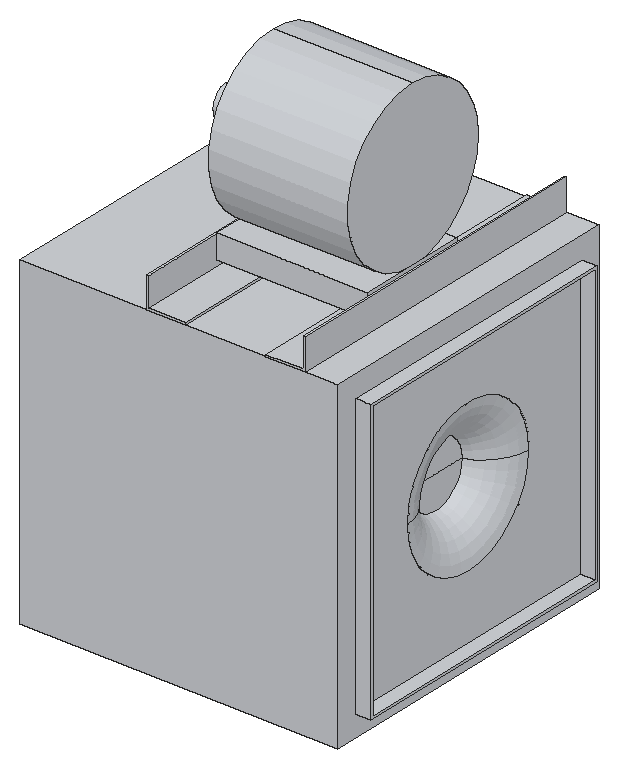
Revit family "SQN-HP", category Mechanical Equipment, Revit 2019
Family settings
  Round Connector Dimension = Use Diameter
  Part Type = Normal
  Work Plane-Based = No
  Always vertical = Yes
  Cut with Voids When Loaded = No
  Shared = No
  Room Calculation Point = No
Parameters (values of type "135_SQN-HP")
  ZERO = 0' - 0"
  Voltage [instance] = 0 V
  Unit Weight [instance] = ""
  URL = "www.lorencook.com"
  Type Comments = "Centrifugal Square Inline High Pressure Belt Drive"  # constant formula
  T_SQ_HALF = T_SQ / 2  # 0' - 6"
  T_SQ = 1' - 0"
  TENTH_B = -B_SUB / 10  # -0' - 2.025"
  TENTHB+FOURTHB = TENTH_B - FOURTH_B  # -0' - 7.0875"
  Static Pressure [instance] = 0.00 in-wg
  Sones [instance] = ""
  SHAFT_RAD = E_SUB / 12  # 0' - 1.04167"
  RAIL_SPACING = B_SUB / 2  # 0' - 10 1/8"
  Power [instance] = Voltage * Motor FLA * sqrt(if(Phase = 3, 3, 1))  # 0 VA
  Phase [instance] = 0
  Number of Poles [instance] = 1
  NEG_HALF_D = -HALF_D_SUB  # -0' - 10 3/8"
  NEG_HALF2H+D = -(FLANGE + FLANGE + D_SUB) / 2  # -0' - 11 3/8"
  NEGHALFC-B = -(C_SUB - B_SUB) / 2  # -0' - 1"
  Motor RPM [instance] = ""
  Motor Hp [instance] = "0"
  Motor FLA [instance] = 0 A
  Motor Enclosure [instance] = ""
  ModelID [instance] = ""
  Model = "SQN-HP"  # constant formula
  Manufacturer = "Loren Cook Company"
  MOTOR_DEPTH = -RAIL_SPACING + 0' 0 1/4" - 0' 2"  # -0' - 11 7/8"
  LwA [instance] = ""
  IN_TENTH = INLET_RADIUS - D_SUB_TENTH  # 0' - 3.1125"
  IN_RAD-D_SUB_TENTH = INLET_RADIUS - D_SUB_TENTH  # 0' - 3.1125"
  INLET_RADIUS = HALF_D_SUB / 2  # 0' - 5 3/16"
  HALF_MP = (-TENTH_B + FOURTH_B) / 2  # 0' - 3.54375"
  HALF_G = 0' - 11 101/256"
  HALF_F = 0' - 11 1/32"
  HALF_D_SUB_MIN_.25 = D_SUB_MINUS_.25 / 2  # 0' - 10 1/4"
  HALF_D_SUB = D_SUB / 2  # 0' - 10 3/8"
  HALF_D-F = (D_SUB - F_SUB) / 2  # 0' - 3 13/16"
  HALF_D-A = (D_SUB - A_SUB) / 2  # 0' - 1 3/8"
  HALF_D = D_SUB / 2  # 0' - 10 3/8"
  HALF_B-G = (B_SUB - G_SUB) / 2  # 0' - 3"
  HALF_B = B_SUB / 2  # 0' - 10 1/8"
  HALF_2H+D = (FLANGE + FLANGE + D_SUB) / 2  # 0' - 11 3/8"
  HALFC-B = (C_SUB - B_SUB) / 2  # 0' - 1"
  G_SUB = 1' - 2 1/4"
  Fan RPM [instance] = ""
  F_SUB = 1' - 1 1/8"
  FOURTH_B = B_SUB / 4  # 0' - 5 1/16"
  FLANGE = 0' - 1"
  E_SUB_DIRECT = D_SUB + 0' 2"  # 1' - 10 3/4"
  E_SUB = 1' - 0 1/2"
  D_PLUS_2 = D_SUB + 0' 2"  # 1' - 10 3/4"
  D_SUB_TENTH = D_SUB / 10  # 0' - 2.075"
  D_SUB_MINUS_.25 = D_SUB - 0' 0 1/4"  # 1' - 8 1/2"
  D_SUB = 1' - 8 3/4"
  DEPTH = B_SUB  # 1' - 8 1/4"
  C_SUB = 1' - 10 1/4"
  CFM [instance] = 0 CFM
  Brake Hp [instance] = ""
  B_SUB_MIN_.125 = B_SUB - 0' 0 1/8"  # 1' - 8 1/8"
  B_SUB = 1' - 8 1/4"
  Accessories [instance] = ""
  A_SUB = 1' - 6"
  1.5 = 0' - 1 1/2"  # constant formula
  ONE EIGTH = 0' - 0 1/8"  # constant formula
Types (14): name | TENTH_B | TENTHB+FOURTHB | SHAFT_RAD | RAIL_SPACING | NEG_HALF_D | NEG_HALF2H+D | NEGHALFC-B | MOTOR_DEPTH | IN_TENTH | IN_RAD-D_SUB_TENTH | INLET_RADIUS | HALF_MP | HALF_D_SUB_MIN_.25 | HALF_D_SUB | HALF_D-F | HALF_D-A | HALF_D | HALF_B-G | HALF_B | HALF_2H+D | HALFC-B | G_SUB | F_SUB | FOURTH_B | FLANGE | E_SUB_DIRECT | E_SUB | D_PLUS_2 | D_SUB_TENTH | D_SUB_MINUS_.25 | D_SUB | DEPTH | C_SUB | B_SUB_MIN_.125 | B_SUB | A_SUB
  (no name) | -0' - 2.025" | -0' - 7.0875" | 0' - 1.04167" | 0' - 10 1/8" | -0' - 10 3/8" | -0' - 11 3/8" | -0' - 1" | -0' - 11 7/8" | 0' - 3.1125" | 0' - 3.1125" | 0' - 5 3/16" | 0' - 3.54375" | 0' - 10 1/4" | 0' - 10 3/8" | 0' - 3 13/16" | 0' - 1 3/8" | 0' - 10 3/8" | 0' - 3" | 0' - 10 1/8" | 0' - 11 3/8" | 0' - 1" | 1' - 2 1/4" | 1' - 1 1/8" | 0' - 5 1/16" | 0' - 1" | 1' - 10 3/4" | 1' - 0 1/2" | 1' - 10 3/4" | 0' - 2.075" | 1' - 8 1/2" | 1' - 8 3/4" | 1' - 8 1/4" | 1' - 10 1/4" | 1' - 8 1/8" | 1' - 8 1/4" | 1' - 6"
  135_SQN-HP | -0' - 2.025" | -0' - 7.0875" | 0' - 1.04167" | 0' - 10 1/8" | -0' - 10 3/8" | -0' - 11 3/8" | -0' - 1" | -0' - 11 7/8" | 0' - 3.1125" | 0' - 3.1125" | 0' - 5 3/16" | 0' - 3.54375" | 0' - 10 1/4" | 0' - 10 3/8" | 0' - 3 13/16" | 0' - 1 3/8" | 0' - 10 3/8" | 0' - 3" | 0' - 10 1/8" | 0' - 11 3/8" | 0' - 1" | 1' - 2 1/4" | 1' - 1 1/8" | 0' - 5 1/16" | 0' - 1" | 1' - 10 3/4" | 1' - 0 1/2" | 1' - 10 3/4" | 0' - 2.075" | 1' - 8 1/2" | 1' - 8 3/4" | 1' - 8 1/4" | 1' - 10 1/4" | 1' - 8 1/8" | 1' - 8 1/4" | 1' - 6"
  150_SQN-HP | -0' - 2 3/16" | -0' - 7 21/32" | 0' - 1 1/16" | 0' - 10 15/16" | -0' - 11 1/2" | -1' - 0 1/2" | -0' - 1" | -1' - 0 11/16" | 0' - 3.45" | 0' - 3.45" | 0' - 5 3/4" | 0' - 3 53/64" | 0' - 11 3/8" | 0' - 11 1/2" | 0' - 3 7/16" | 0' - 1 1/2" | 0' - 11 1/2" | 0' - 2 31/32" | 0' - 10 15/16" | 1' - 0 1/2" | 0' - 1" | 1' - 3 15/16" | 1' - 4 1/8" | 0' - 5 15/32" | 0' - 1" | 2' - 1" | 1' - 0 3/4" | 2' - 1" | 0' - 2.3" | 1' - 10 3/4" | 1' - 11" | 1' - 9 7/8" | 1' - 11 7/8" | 1' - 9 3/4" | 1' - 9 7/8" | 1' - 8"
  165_SQN-HP | -0' - 2 1/2" | -0' - 8 3/4" | 0' - 1.22917" | 1' - 0 1/2" | -1' - 0 21/32" | -1' - 1 21/32" | -0' - 1" | -1' - 2 1/4" | 0' - 3 51/64" | 0' - 3 51/64" | 0' - 6 21/64" | 0' - 4 3/8" | 1' - 0 17/32" | 1' - 0 21/32" | 0' - 3 19/32" | 0' - 1 21/32" | 1' - 0 21/32" | 0' - 2 15/16" | 1' - 0 1/2" | 1' - 1 21/32" | 0' - 1" | 1' - 7 1/8" | 1' - 6 1/8" | 0' - 6 1/4" | 0' - 1" | 2' - 3 5/16" | 1' - 2 3/4" | 2' - 3 5/16" | 0' - 2 17/32" | 2' - 1 1/16" | 2' - 1 5/16" | 2' - 1" | 2' - 3" | 2' - 0 7/8" | 2' - 1" | 1' - 10"
  180_SQN-HP | -0' - 2.8" | -0' - 9.8" | 0' - 1.22917" | 1' - 2" | -1' - 1 13/16" | -1' - 2 13/16" | -0' - 1" | -1' - 3 3/4" | 0' - 4.14375" | 0' - 4.14375" | 0' - 6 29/32" | 0' - 4.9" | 1' - 1 11/16" | 1' - 1 13/16" | 0' - 3 3/4" | 0' - 1 13/16" | 1' - 1 13/16" | 0' - 3 1/2" | 1' - 2" | 1' - 2 13/16" | 0' - 1" | 1' - 9" | 1' - 8 1/8" | 0' - 7" | 0' - 1" | 2' - 5 5/8" | 1' - 2 3/4" | 2' - 5 5/8" | 0' - 2.7625" | 2' - 3 3/8" | 2' - 3 5/8" | 2' - 4" | 2' - 6" | 2' - 3 7/8" | 2' - 4" | 2' - 0"
  195_SQN-HP | -0' - 3.025" | -0' - 10.5875" | 0' - 1 1/4" | 1' - 3 1/8" | -1' - 2 31/32" | -1' - 3 31/32" | -0' - 1" | -1' - 4 7/8" | 0' - 4.49062" | 0' - 4.49062" | 0' - 7 31/64" | 0' - 5.29375" | 1' - 2 27/32" | 1' - 2 31/32" | 0' - 3 29/32" | 0' - 1 31/32" | 1' - 2 31/32" | 0' - 3 1/2" | 1' - 3 1/8" | 1' - 3 31/32" | 0' - 1" | 1' - 11 1/4" | 1' - 10 1/8" | 0' - 7 9/16" | 0' - 1" | 2' - 7 15/16" | 1' - 3" | 2' - 7 15/16" | 0' - 2.99375" | 2' - 5 11/16" | 2' - 5 15/16" | 2' - 6 1/4" | 2' - 8 1/4" | 2' - 6 1/8" | 2' - 6 1/4" | 2' - 2"
  210_SQN-HP | -0' - 3.2" | -0' - 11.2" | 0' - 1 1/4" | 1' - 4" | -1' - 3 5/8" | -1' - 5 5/8" | -0' - 1 1/2" | -1' - 5 3/4" | 0' - 4 11/16" | 0' - 4 11/16" | 0' - 7 13/16" | 0' - 5.6" | 1' - 3 1/2" | 1' - 3 5/8" | 0' - 3 9/16" | 0' - 1 5/8" | 1' - 3 5/8" | 0' - 3 3/4" | 1' - 4" | 1' - 5 5/8" | 0' - 1 1/2" | 2' - 0 1/2" | 2' - 0 1/8" | 0' - 8" | 0' - 2" | 2' - 9 1/4" | 1' - 3" | 2' - 9 1/4" | 0' - 3 1/8" | 2' - 7" | 2' - 7 1/4" | 2' - 8" | 2' - 11" | 2' - 7 7/8" | 2' - 8" | 2' - 4"
  225_SQN-HP | -0' - 3.425" | -0' - 11.9875" | 0' - 1.27083" | 1' - 5 1/8" | -1' - 4 3/4" | -1' - 6 3/4" | -0' - 1 1/2" | -1' - 6 7/8" | 0' - 5.025" | 0' - 5.025" | 0' - 8 3/8" | 0' - 5.99375" | 1' - 4 5/8" | 1' - 4 3/4" | 0' - 3 11/16" | 0' - 1 3/4" | 1' - 4 3/4" | 0' - 3 3/4" | 1' - 5 1/8" | 1' - 6 3/4" | 0' - 1 1/2" | 2' - 2 3/4" | 2' - 2 1/8" | 0' - 8 9/16" | 0' - 2" | 2' - 11 1/2" | 1' - 3 1/4" | 2' - 11 1/2" | 0' - 3.35" | 2' - 9 1/4" | 2' - 9 1/2" | 2' - 10 1/4" | 3' - 1 1/4" | 2' - 10 1/8" | 2' - 10 1/4" | 2' - 6"
  245_SQN-HP | -0' - 3.4" | -0' - 11.9" | 0' - 1 7/16" | 1' - 5" | -1' - 6" | -1' - 8" | -0' - 2" | -1' - 6 3/4" | 0' - 5.4" | 0' - 5.4" | 0' - 9" | 0' - 5.95" | 1' - 5 7/8" | 1' - 6" | 0' - 3 7/16" | 0' - 1 1/2" | 1' - 6" | 0' - 3 31/32" | 1' - 5" | 1' - 8" | 0' - 2" | 2' - 2 1/16" | 2' - 5 1/8" | 0' - 8 1/2" | 0' - 2" | 3' - 2" | 1' - 5 1/4" | 3' - 2" | 0' - 3.6" | 2' - 11 3/4" | 3' - 0" | 2' - 10" | 3' - 2" | 2' - 9 7/8" | 2' - 10" | 2' - 9"
  270_SQN-HP | -0' - 3 3/4" | -1' - 1 1/8" | 0' - 1 7/16" | 1' - 6 3/4" | -1' - 7 27/32" | -1' - 9 27/32" | -0' - 2" | -1' - 8 1/2" | 0' - 5 61/64" | 0' - 5 61/64" | 0' - 9 59/64" | 0' - 6 9/16" | 1' - 7 23/32" | 1' - 7 27/32" | 0' - 3 19/32" | 0' - 1 5/8" | 1' - 7 27/32" | 0' - 3 29/32" | 1' - 6 3/4" | 1' - 9 27/32" | 0' - 2" | 2' - 5 11/16" | 2' - 8 1/2" | 0' - 9 3/8" | 0' - 2" | 3' - 5 11/16" | 1' - 5 1/4" | 3' - 5 11/16" | 0' - 3 31/32" | 3' - 3 7/16" | 3' - 3 11/16" | 3' - 1 1/2" | 3' - 5 1/2" | 3' - 1 3/8" | 3' - 1 1/2" | 3' - 0 7/16"
  300_SQN-HP | -0' - 3.8" | -1' - 1.3" | 0' - 1 7/16" | 1' - 7" | -1' - 10" | -2' - 0" | -0' - 2" | -1' - 8 3/4" | 0' - 6.6" | 0' - 6.6" | 0' - 11" | 0' - 6.65" | 1' - 9 7/8" | 1' - 10" | 0' - 3 15/16" | 0' - 2" | 1' - 10" | 0' - 3 15/16" | 1' - 7" | 2' - 0" | 0' - 2" | 2' - 6 1/8" | 3' - 0 1/8" | 0' - 9 1/2" | 0' - 2" | 3' - 10" | 1' - 5 1/4" | 3' - 10" | 0' - 4.4" | 3' - 7 3/4" | 3' - 8" | 3' - 2" | 3' - 6" | 3' - 1 7/8" | 3' - 2" | 3' - 4"
  330_SQN-HP | -0' - 4.175" | -1' - 2.6125" | 0' - 1 7/16" | 1' - 8 7/8" | -2' - 0 7/32" | -2' - 2 7/32" | -0' - 2" | -1' - 10 5/8" | 0' - 7 17/64" | 0' - 7 17/64" | 1' - 0 7/64" | 0' - 7.30625" | 2' - 0 3/32" | 2' - 0 7/32" | 0' - 4 5/32" | 0' - 2 7/32" | 2' - 0 7/32" | 0' - 4 31/32" | 1' - 8 7/8" | 2' - 2 7/32" | 0' - 2" | 2' - 7 13/16" | 3' - 4 1/8" | 0' - 10 7/16" | 0' - 2" | 4' - 2 7/16" | 1' - 5 1/4" | 4' - 2 7/16" | 0' - 4 27/32" | 4' - 0 3/16" | 4' - 0 7/16" | 3' - 5 3/4" | 3' - 9 3/4" | 3' - 5 5/8" | 3' - 5 3/4" | 3' - 8"
  365_SQN-HP | -0' - 4.2" | -1' - 2.7" | 0' - 1 7/16" | 1' - 9" | -2' - 1" | -2' - 3" | -0' - 2" | -1' - 10 3/4" | 0' - 7 1/2" | 0' - 7 1/2" | 1' - 0 1/2" | 0' - 7.35" | 2' - 0 7/8" | 2' - 1" | 0' - 3 31/32" | 0' - 2" | 2' - 1" | 0' - 4 29/32" | 1' - 9" | 2' - 3" | 0' - 2" | 2' - 8 3/16" | 3' - 6 1/16" | 0' - 10 1/2" | 0' - 2" | 4' - 4" | 1' - 5 1/4" | 4' - 4" | 0' - 5" | 4' - 1 3/4" | 4' - 2" | 3' - 6" | 3' - 10" | 3' - 5 7/8" | 3' - 6" | 3' - 10"
  402_SQN-HP | -0' - 4 5/8" | -1' - 4 3/16" | 0' - 1 7/16" | 1' - 11 1/8" | -2' - 3 9/16" | -2' - 5 9/16" | -0' - 2" | -2' - 0 7/8" | 0' - 8.26875" | 0' - 8.26875" | 1' - 1 25/32" | 0' - 8 3/32" | 2' - 3 7/16" | 2' - 3 9/16" | 0' - 4 3/32" | 0' - 2 3/16" | 2' - 3 9/16" | 0' - 4 27/32" | 1' - 11 1/8" | 2' - 5 9/16" | 0' - 2" | 3' - 0 9/16" | 3' - 10 15/16" | 0' - 11 9/16" | 0' - 2" | 4' - 9 1/8" | 1' - 5 1/4" | 4' - 9 1/8" | 0' - 5.5125" | 4' - 6 7/8" | 4' - 7 1/8" | 3' - 10 1/4" | 4' - 2 1/4" | 3' - 10 1/8" | 3' - 10 1/4" | 4' - 2 3/4"
Reference planes (in)
  plane 1 "Center (Front/Back)": y = 0
  plane 2: z = 0
  plane 3 "Center (Left/Right)": x = 0.40541
Forms (in)
  Extrusion 1, solid
    sketch origin (0, 0, 0) x (1, 0, 0) y (0, 1, 0)
      loop
        line (-9.71959, 10.375) -> (-9.71959, -10.375) -> (10.53041, -10.375) -> (10.53041, 10.375) -> (-9.71959, 10.375)
    from -10.375 <- "NEG_HALF_D" to 10.375 <- "HALF_D"
  Revolve 2, void
    sketch origin (0, 0, 0) x (1, 0, 0) y (0, 1, 0)
      loop
        line (10.53041, 7.1875) -> (10.53041, 5.1875)
        arc (10.53041, 5.1875) -> (10.01266, 3.28475) -> (8.45541, 2.075) r 3.1125
        line (8.45541, 2.075) -> (8.45541, 0) -> (12.54119, 0) -> (12.54119, 7.1875) -> (10.53041, 7.1875)
      axis (8.45541, 0) -> (12.54119, 0)
    angle from 0 to 360
  Extrusion 3, solid
    sketch origin (0, 0, 0) x (1, 0, 0) y (0, 0, 1)
      loop
        line (8.45541, 12.375) -> (8.33041, 12.375) -> (8.33041, 10.5) -> (5.95541, 10.5) -> (5.95541, 10.375) -> (8.45541, 10.375) -> (8.45541, 12.375)
    from 10.375 <- "HALF_D" to -10.375 <- "NEG_HALF_D"
  Extrusion 4, solid
    sketch origin (0, 0, 0) x (1, 0, 0) y (0, 0, 1)
      loop
        line (0.83041, 10.375) -> (0.83041, 10.5) -> (-1.54459, 10.5) -> (-1.54459, 12.375) -> (-1.66959, 12.375) -> (-1.66959, 10.375) -> (0.83041, 10.375)
    from 10.375 <- "HALF_D" to -10.375 <- "NEG_HALF_D"
  Extrusion 5, solid
    sketch origin (10.53041, 10.375, 0) x (0, -1, 0) y (0, 0, -1)
      loop
        line (19.375, -9) -> (19.375, 9) -> (1.375, 9) -> (1.375, -9) -> (19.375, -9)
      loop
        line (19.25, -8.875) -> (19.25, 8.875) -> (1.5, 8.875) -> (1.5, -8.875) -> (19.25, -8.875)
    from 0 to 1 <- "HALFC-B"
  Extrusion 6, solid
    sketch origin (-9.71959, -10.375, 0) x (0, 1, 0) y (0, 0, -1)
      loop
        line (19.375, -9) -> (19.375, 9) -> (1.375, 9) -> (1.375, -9) -> (19.375, -9)
      loop
        line (19.25, -8.875) -> (19.25, 8.875) -> (1.5, 8.875) -> (1.5, -8.875) -> (19.25, -8.875)
    from 0 to 1 <- "HALFC-B"
  Extrusion 7, solid
    sketch origin (0, 0, 0) x (1, 0, 0) y (0, 0, 1)
      loop
        line (-1.41959, 12.5) -> (-1.41959, 11) -> (8.20541, 11) -> (8.20541, 12.5) -> (-1.41959, 12.5)
    from 5.0625 <- "FOURTH_B" to -2.025 <- "TENTH_B"
  Extrusion 8, solid
    sketch origin (8.20541, 0, 12.5) x (0, 0, -1) y (0, 1, 0)
      loop
        circle (-5.1875, -1.51875) r 5.1875
    from 0 to -11.875 <- "MOTOR_DEPTH"
  Extrusion 9, void
    sketch origin (-3.66959, 0, 12.5) x (0, 0, -1) y (0, 1, 0)
      loop
        circle (-5.1875, -1.51875) r 5.1875
      loop
        circle (-5.1875, -1.51875) r 1.04167
    from 0 to 3
Cuts and joins
  Revolve 2 cuts Extrusion 1
  Extrusion 9 cuts Extrusion 7
  Extrusion 9 cuts Extrusion 8
Dimensions and locks (in)
  "B_SUB": Extrusion 1 sketch curve to Extrusion 1 sketch curve
  "D_SUB": Extrusion 1 sketch curve to Extrusion 1 sketch curve
  "HALF_B": plane 3 "Center (Left/Right)" to Extrusion 1 sketch curve
  "HALF_D": plane 1 "Center (Front/Back)" to Extrusion 1 sketch curve
  "INLET_RADIUS": plane 1 "Center (Front/Back)" to Revolve 2 sketch curve
  Revolve 2 sketch curve to Revolve 2 sketch curve = 0' - 2"
  "D_SUB_TENTH": plane 1 "Center (Front/Back)" to Revolve 2 sketch curve
  "D_SUB_TENTH": Revolve 2 sketch curve to Extrusion 1
  "ZERO": Revolve 2 sketch curve to plane 1 "Center (Front/Back)"  (x2)
  Extrusion 1 to Revolve 2 sketch curve = 0' - 2.01078"
  "ZERO": Revolve 2 sketch curve to cut or joined group of Extrusion 1, Revolve 2
  "E_SUB_DIRECT": Extrusion 3 sketch curve to cut or joined group of Extrusion 1, Revolve 2
  "ZERO": cut or joined group of Extrusion 1, Revolve 2 to Extrusion 3 sketch curve
  Extrusion 3 sketch curve to Extrusion 3 sketch curve = 0' - 2 1/2"
  "D_SUB_TENTH": Extrusion 3 sketch curve to cut or joined group of Extrusion 1, Revolve 2
  "ONE EIGTH": Extrusion 3 sketch curve to Extrusion 3 sketch curve
  "ONE EIGTH": Extrusion 3 sketch curve to cut or joined group of Extrusion 1, Revolve 2
  "RAIL_SPACING": Extrusion 3 to Extrusion 4 sketch curve
  "ZERO": Extrusion 4 sketch curve to Extrusion 3
  "ONE EIGTH": Extrusion 4 sketch curve to cut or joined group of Extrusion 1, Revolve 2
  "ONE EIGTH": Extrusion 4 sketch curve to Extrusion 4 sketch curve
  Extrusion 4 sketch curve to Extrusion 4 sketch curve = 0' - 2 1/2"
  "ZERO": cut or joined group of Extrusion 1, Revolve 2 to Extrusion 4 sketch curve
  "HALF_D-A": cut or joined group of Extrusion 1, Revolve 2 to Extrusion 5 sketch curve  (x3)
  "HALF_D-A": Extrusion 5 sketch curve to cut or joined group of Extrusion 1, Revolve 2
  "ONE EIGTH": Extrusion 5 sketch curve to Extrusion 5 sketch curve  (x4)
  "HALF_D-A": cut or joined group of Extrusion 1, Revolve 2 to Extrusion 6 sketch curve
  "HALF_D-A": Extrusion 6 sketch curve to cut or joined group of Extrusion 1, Revolve 2  (x3)
  "ONE EIGTH": Extrusion 6 sketch curve to Extrusion 6 sketch curve  (x4)
  "1.5": Extrusion 7 sketch curve to Extrusion 7 sketch curve
  "ONE EIGTH": Extrusion 7 sketch curve to Extrusion 4  (x2)
  "ONE EIGTH": Extrusion 7 sketch curve to Extrusion 3
  "HALF_MP": Extrusion 7 to Extrusion 8 sketch curve
  "E_SUB": Extrusion 8 sketch curve to cut or joined group of Extrusion 1, Revolve 2
  "ZERO": Extrusion 8 sketch curve to Extrusion 7
  "IN_RAD-D_SUB_TENTH": radius of Revolve 2 sketch curve
  "SHAFT_RAD": radius of Extrusion 9 sketch curve
Automatic sketch dimensions
  Revolve 2 sketch curve to plane 3 "Center (Left/Right)" = 0' - 0"
  Revolve 2 sketch curve to Revolve 2 sketch curve = 0' - 3.98922"
  Extrusion 9 sketch curve to Extrusion 9 sketch curve = 0' - 0"  (x2)
  radius of Extrusion 9 sketch curve to Extrusion 8 = 0' - 0"
Connectors (in)
  hvac at (11.53041, 0, 0), driven by "A_SUB", driven by "A_SUB"
    settings: on Extrusion 5, index 2, duct flow 0 CFM, flow factor 0, pres drop 0.00 in-wg, loss coef 0, conn angle 0.00°, conn width 18", conn height 18", conn diameter 24", duct sys type 29, conn prof type 1, flow config 0, flow direction 1, loss method 0, conn ref index -1, conn util no, is conn primary yes, conn desc ""
  hvac at (-10.71959, 0, 0), driven by "A_SUB", driven by "A_SUB"
    settings: on Extrusion 6, index 3, duct flow 0 CFM, flow factor 0, pres drop 0.00 in-wg, loss coef 0, conn angle 0.00°, conn width 18", conn height 18", conn diameter 24", duct sys type 29, conn prof type 1, flow config 0, flow direction 2, loss method 0, conn ref index -1, conn util no, is conn primary no, conn desc ""
